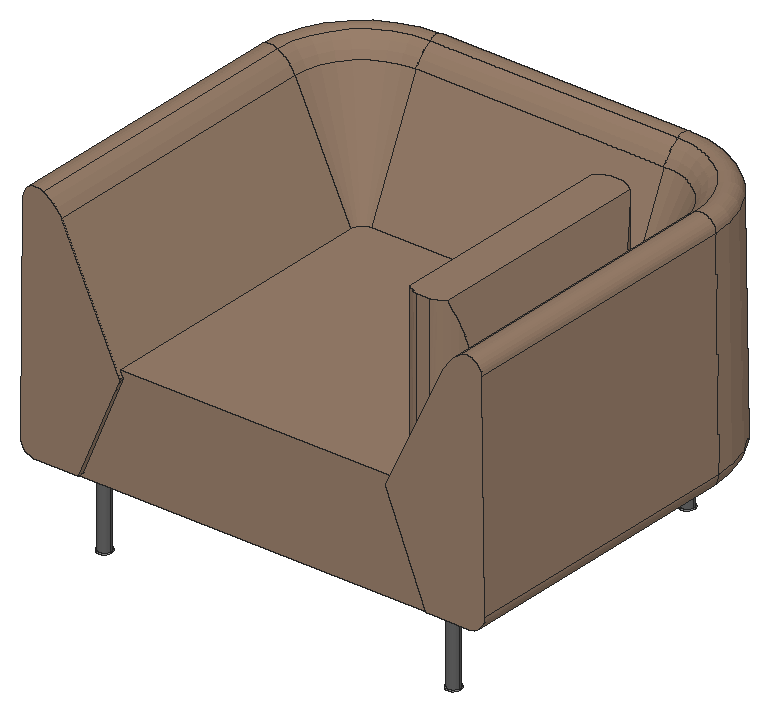
Revit family "FU_Chair_Sandler_Odda 5-1", category Furniture, Revit 2022
Family settings
  OmniClass Number = 23.40.20.00
  OmniClass Title = General Furniture and Specialties
  Work Plane-Based = No
  Always vertical = Yes
  Cut with Voids When Loaded = No
  Render Appearance Source = Family Geometry
  Shared = No
  Room Calculation Point = No
Parameters (values of type "Odda 5.1")
  Width = 960 mm
  URL = "https://www.sandlerseating.com/product/odda-5-1/"
  Seat [instance] = Leather - Tan - Sandler 131
  Model = "Odda 5.1"
  Manufacturer = "Sandler"
  Height = 680 mm
  Frame [instance] = Metal - Powdercoats - Ral 9005 Jet Black
  Description = "Upholstered lounge chair with triangular side panels. Lacquered steel frame."
  Depth = 830 mm
  Default Elevation = 0 mm
Reference planes
  plane 1 "Center (Front/Back)": y = 0
  plane 2: z = 0
  plane 3 "Center (Left/Right)": x = 0
  plane 4 "Right": x = -480
  plane 5 "Left": x = 480
  plane 6 "Back": y = 415
  plane 7 "Front": y = -415
  plane 8 "Height": z = 680
  plane 9 "Seat Height": z = 430
  plane 10 "FL RIGHT": y = -346.673
  plane 11 "BL RIGHT": y = 355.354
  plane 12 "Frame Base RIGHT": z = 131.773
  plane 13 "Seat Sweep FRONT": z = 375.38
Forms (mm)
  Extrusion 1, solid, material "Rubber, Black"
    sketch origin (0, 0, 0) x (1, 0, 0) y (0, 1, 0)
      loop
        circle (-361.467, -346.673) r 14.468
    from 0 to 2
  Extrusion 2, solid, material "Metal - Powdercoats - Ral 9005 Jet Black" <- "Frame"
    sketch origin (0, 0, 0) x (1, 0, 0) y (0, 1, 0)
      loop
        circle (-361.467, -346.673) r 12.5
    from 0 to 184
  Extrusion 3, solid, material "Rubber, Black"
    sketch origin (0, 0, 0) x (1, 0, 0) y (0, 1, 0)
      loop
        circle (-284.342, 355.354) r 14.5
    from 0 to 2
  Extrusion 4, solid, material "Metal - Powdercoats - Ral 9005 Jet Black" <- "Frame"
    sketch origin (0, 0, 0) x (1, 0, 0) y (0, 1, 0)
      loop
        circle (-284.342, 355.354) r 12.497
    from 0 to 184
  Extrusion 5, solid, material "Rubber, Black"
    sketch origin (0, 0, 0) x (-1, 0, 0) y (0, -1, 0)
      loop
        circle (-361.467, 346.673) r 14.468
    from 0 to 2
  Extrusion 6, solid, material "Metal - Powdercoats - Ral 9005 Jet Black" <- "Frame"
    sketch origin (0, 0, 0) x (-1, 0, 0) y (0, -1, 0)
      loop
        circle (-361.467, 346.673) r 12.5
    from 0 to 184
  Extrusion 7, solid, material "Rubber, Black"
    sketch origin (0, 0, 0) x (-1, 0, 0) y (0, -1, 0)
      loop
        circle (-284.342, -355.354) r 14.5
    from 0 to 2
  Extrusion 8, solid, material "Metal - Powdercoats - Ral 9005 Jet Black" <- "Frame"
    sketch origin (0, 0, 0) x (-1, 0, 0) y (0, -1, 0)
      loop
        circle (-284.342, -355.354) r 12.497
    from 0 to 184
  Extrusion 9, solid, material "Metal - Powdercoats - Ral 9005 Jet Black" <- "Frame"
    sketch origin (0, 0, 131.773) x (0, -1, 0) y (1, 0, 0)
      loop
        line (356.216, -361.484) -> (356.216, 361.484) -> (336.216, 361.484) -> (336.216, 294.075) -> (-355.354, 294.075) -> (-355.354, 274.079) -> (-283.779, 274.079) -> (-283.779, -274.079) -> (-355.354, -274.079) -> (-355.354, -294.075) -> (336.216, -294.075) -> (336.216, -361.484) -> (356.216, -361.484)
      loop
        line (-263.779, 274.079) -> (-263.779, -274.079) -> (336.216, -274.079) -> (336.216, 274.079) -> (-263.779, 274.079)
    from 0 to 42
  Sweep 10, solid, material "Leather - Tan - Sandler 131" <- "Seat"
    path origin (0, 0, 375.38) x (0, -1, 0) y (1, 0, 0)
      loop
        line (415, -275) -> (-189.609, -275)
        arc (-189.609, -275) -> (-202.337, -269.728) -> (-207.609, -257) r 18
        line (-207.609, -257) -> (-207.609, 257)
        arc (-207.609, 257) -> (-202.337, 269.728) -> (-189.609, 275) r 18
        line (-189.609, 275) -> (415, 275)
    profile "Pro_Odda_back : Pro_Odda_back" origin (-275, -112.696, 375.38) x (-1, 0, 0) y (0, 0, 1)
      loop
        arc (156.459, 295.085) -> (136.046, 278.751) -> (121.176, 257.247) r 90.17
        arc (121.176, 257.247) -> (56.587, 131.568) -> (0.361, 1.931) r 2158.33
        arc (0.361, 1.931) -> (0, 0) -> (0.386, -1.926) r 5.162
        line (0.386, -1.926) -> (84.301, -206.379)
        arc (84.301, -206.379) -> (85.405, -207.732) -> (87.076, -208.24) r 3
        line (87.076, -208.24) -> (172.361, -208.24)
        arc (172.361, -208.24) -> (195.993, -198.604) -> (206.149, -175.192) r 33.796
        arc (206.149, -175.192) -> (207.182, 47.818) -> (200.4, 270.728) r 6364.361
        arc (200.4, 270.728) -> (185.366, 295.42) -> (156.459, 295.085) r 29.206
  Extrusion 11, solid, material "Leather - Tan - Sandler 131" <- "Seat"
    sketch origin (0, 0, 0) x (0, 1, 0) y (0, 0, 1)
      loop
        line (-407.37, 164.5) -> (265.086, 164.5) -> (265.086, 390) -> (-407.853, 390)
        arc (-407.853, 390) -> (-412.263, 277.24) -> (-407.37, 164.5) r 1368.933
    from -375.281 to 375.314
Dimensions and locks
  equal spacing: plane 6 "Back", plane 1 "Center (Front/Back)", plane 7 "Front"
  "Depth": plane 6 "Back" to plane 7 "Front"
  equal spacing: plane 4 "Right", plane 3 "Center (Left/Right)", plane 5 "Left"
  "Width": plane 4 "Right" to plane 5 "Left"
  "Height": plane 8 "Height" to level
  aligned and locked: level to plane 2
Automatic sketch dimensions
  Extrusion 1 sketch curve to plane 10 "FL RIGHT" = 0 mm
  plane 4 "Right" to Extrusion 1 sketch curve = 118.533 mm
  Extrusion 2 sketch curve to plane 10 "FL RIGHT" = 0 mm
  plane 4 "Right" to Extrusion 2 sketch curve = 118.533 mm
  Extrusion 3 sketch curve to plane 11 "BL RIGHT" = 0 mm
  plane 4 "Right" to Extrusion 3 sketch curve = 195.658 mm
  Extrusion 4 sketch curve to plane 11 "BL RIGHT" = 0 mm
  plane 4 "Right" to Extrusion 4 sketch curve = 195.658 mm
  Extrusion 5 sketch curve to plane 10 "FL RIGHT" = 0 mm
  Extrusion 5 sketch curve to plane 5 "Left" = 118.533 mm
  Extrusion 6 sketch curve to plane 10 "FL RIGHT" = 0 mm
  Extrusion 6 sketch curve to plane 5 "Left" = 118.533 mm
  Extrusion 7 sketch curve to plane 11 "BL RIGHT" = 0 mm
  Extrusion 7 sketch curve to plane 5 "Left" = 195.658 mm
  Extrusion 8 sketch curve to plane 11 "BL RIGHT" = 0 mm
  Extrusion 8 sketch curve to plane 5 "Left" = 195.658 mm
  Extrusion 9 sketch curve to plane 11 "BL RIGHT" = 0 mm  (x2)
  Extrusion 9 sketch curve to plane 11 "BL RIGHT" = 71.576 mm
  Extrusion 9 sketch curve to Extrusion 9 sketch curve = 20 mm
  plane 10 "FL RIGHT" to Extrusion 9 sketch curve = 10.457 mm  (x3)
  Extrusion 9 sketch curve to plane 10 "FL RIGHT" = 9.543 mm
  plane 4 "Right" to Extrusion 9 sketch curve = 118.516 mm
  Extrusion 9 sketch curve to Extrusion 9 sketch curve = 67.409 mm  (x2)
  Extrusion 9 sketch curve to Extrusion 9 sketch curve = 19.996 mm  (x3)
  Extrusion 9 sketch curve to plane 5 "Left" = 205.921 mm
  Extrusion 9 sketch curve to Extrusion 9 sketch curve = 0 mm
  Sweep 10 sketch curve to plane 7 "Front" = 0 mm  (x2)
  Sweep 10 sketch curve to plane 1 "Center (Front/Back)" = 189.609 mm  (x2)
  Sweep 10 sketch curve to Sweep 10 sketch curve = 18 mm
  plane 4 "Right" to Sweep 10 sketch curve = 205 mm
  plane 3 "Center (Left/Right)" to Sweep 10 sketch curve = 257 mm
  Extrusion 11 sketch curve to plane 9 "Seat Height" = 40 mm
  Extrusion 11 sketch curve to plane 11 "BL RIGHT" = 90.268 mm
  plane 6 "Back" to Extrusion 11 sketch curve = 541.667 mm
  plane 12 "Frame Base RIGHT" to Extrusion 11 sketch curve = 32.727 mm
  plane 7 "Front" to Extrusion 11 sketch curve = 7.147 mm
  plane 7 "Front" to Extrusion 11 sketch curve = 7.63 mm
  radius of Extrusion 1 sketch curve = 14.468 mm
  radius of Extrusion 2 sketch curve = 12.5 mm
  radius of Extrusion 3 sketch curve = 14.5 mm
  radius of Extrusion 4 sketch curve = 12.497 mm
  radius of Extrusion 5 sketch curve = 14.468 mm
  radius of Extrusion 6 sketch curve = 12.5 mm
  radius of Extrusion 7 sketch curve = 14.5 mm
  radius of Extrusion 8 sketch curve = 12.497 mm
Nested families
  nested 1: "Odda_Cushion" at (285.073, -79.525, -90), Cushion <- "Seat", type "Odda_Cushion"
    with Cushion Leather - Tan - Sandler 131
Definition of nested family "Odda_Cushion"
  Parameters (values of type "Odda_Cushion")
    Width = 793 mm
    Height = 1277.498 mm
    Depth = 777 mm
    Default Elevation = 0 mm
    Cushion [instance] = none
  Reference planes
    plane 1 "Center (Front/Back)": y = 0
    plane 2: z = 0
    plane 3 "Center (Left/Right)": x = 0
    plane 4 "Right": x = -396.5
    plane 5 "Left": x = 396.5
    plane 6 "Back": y = 388.5
    plane 7 "Front": y = -388.5
    plane 8 "Height": z = 1277.498
    plane 9 "Seat Height": z = 480
  Forms (mm)
    Extrusion 1, solid, material <- "Cushion"
      sketch origin (0, 0, 0) x (1, 0, 0) y (0, 0, 1)
        loop
          line (-62.5, 480) -> (62.5, 480) -> (62.5, 780) -> (-62.5, 780) -> (-62.5, 480)
      from -250 to 250
    Extrusion 2, void
      sketch origin (0, 0, 0) x (1, 0, 0) y (0, 0, 1)
        loop
          line (-27.832, 447.061) -> (27.832, 447.061)
          arc (27.832, 447.061) -> (62.5, 629.529) -> (28.175, 812.061) r 500
          line (28.175, 812.061) -> (-28.175, 812.061)
          arc (-28.175, 812.061) -> (-62.5, 629.529) -> (-27.832, 447.061) r 500
        loop
          line (80, 387.061) -> (80, 872.061) -> (-80, 872.061) -> (-80, 387.061) -> (80, 387.061)
      from -255 to 255
    Extrusion 3, void
      sketch origin (0, 0, 480) x (-1, 0, 0) y (0, -1, 0)
        loop
          line (-65, 171.5) -> (-65, -171.5)
          spline (-65, -171.5) -> (-62.785, -192.206) -> (-56.292, -211.5) -> (-45.962, -228.069) -> (-32.5, -240.782) -> (-16.823, -248.774) -> (0, -251.5) -> (16.823, -248.774) -> (32.5, -240.782) -> (45.962, -228.069) -> (56.292, -211.5) -> (62.785, -192.206) -> (65, -171.5)
          line (65, -171.5) -> (65, 171.5)
          spline (65, 171.5) -> (62.785, 192.206) -> (56.292, 211.5) -> (45.962, 228.069) -> (32.5, 240.782) -> (16.823, 248.774) -> (0, 251.5) -> (-16.823, 248.774) -> (-32.5, 240.782) -> (-45.962, 228.069) -> (-56.292, 211.5) -> (-62.785, 192.206) -> (-65, 171.5)
        loop
          line (80, -275) -> (80, 275) -> (-80, 275) -> (-80, -275) -> (80, -275)
      from -92.939 to 392.061
  Cuts and joins
    Extrusion 2, Extrusion 3 cuts Extrusion 1
  Dimensions and locks
    equal spacing: plane 6 "Back", plane 1 "Center (Front/Back)", plane 7 "Front"
    "Depth": plane 6 "Back" to plane 7 "Front"
    equal spacing: plane 4 "Right", plane 3 "Center (Left/Right)", plane 5 "Left"
    "Width": plane 4 "Right" to plane 5 "Left"
    "Height": plane 8 "Height" to level
    aligned and locked: level to plane 2
  Automatic sketch dimensions
    Extrusion 1 sketch curve to plane 9 "Seat Height" = 0 mm
    Extrusion 1 sketch curve to plane 3 "Center (Left/Right)" = 62.5 mm
    plane 3 "Center (Left/Right)" to Extrusion 1 sketch curve = 62.5 mm
    plane 9 "Seat Height" to Extrusion 1 sketch curve = 300 mm
    Extrusion 2 sketch curve to plane 4 "Right" = 41 mm
    Extrusion 2 sketch curve to plane 3 "Center (Left/Right)" = 80 mm
    Extrusion 2 sketch curve to plane 3 "Center (Left/Right)" = 28.175 mm
    Extrusion 2 sketch curve to plane 3 "Center (Left/Right)" = 27.832 mm
    plane 3 "Center (Left/Right)" to Extrusion 2 sketch curve = 27.832 mm
    plane 3 "Center (Left/Right)" to Extrusion 2 sketch curve = 28.175 mm
    Extrusion 2 sketch curve to Extrusion 2 sketch curve = 52.168 mm
    plane 5 "Left" to Extrusion 2 sketch curve = 41 mm
    Extrusion 2 sketch curve to plane 9 "Seat Height" = 92.939 mm
    Extrusion 2 sketch curve to plane 9 "Seat Height" = 32.939 mm
    plane 9 "Seat Height" to Extrusion 2 sketch curve = 150 mm
    Extrusion 2 sketch curve to Extrusion 2 sketch curve = 60 mm
    Extrusion 3 sketch curve to plane 3 "Center (Left/Right)" = 0 mm
    Extrusion 3 sketch curve to Extrusion 3 sketch curve = 65 mm
    plane 3 "Center (Left/Right)" to Extrusion 3 sketch curve = 80 mm
    Extrusion 3 sketch curve to plane 3 "Center (Left/Right)" = 80 mm
    Extrusion 3 sketch curve to plane 6 "Back" = 113.5 mm
    Extrusion 3 sketch curve to Extrusion 3 sketch curve = 103.5 mm  (x2)
    plane 1 "Center (Front/Back)" to Extrusion 3 sketch curve = 171.5 mm
